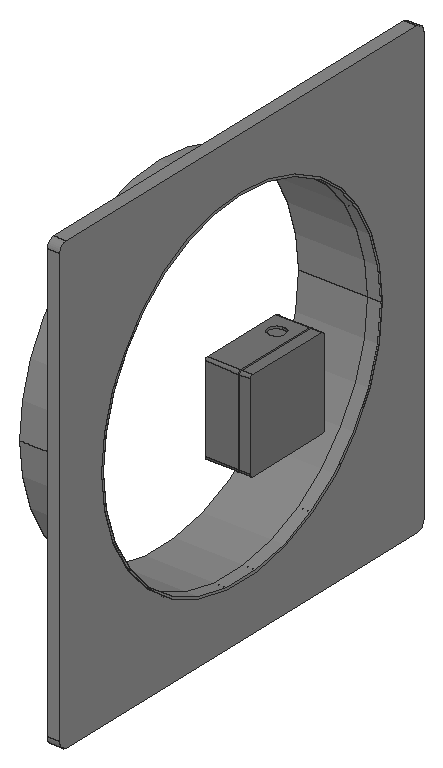
Revit family "VENTS-OV", category Mechanical Equipment, Revit 2019
Family settings
  Round Connector Dimension = Use Diameter
  Classification = None
  Part Type = Breaks Into
  OmniClass Number = 23.75.35.17.11
  OmniClass Title = Fans for Air Ductwork
  Work Plane-Based = No
  Always vertical = Yes
  Cut with Voids When Loaded = No
  Shared = No
  Room Calculation Point = No
Parameters (values of type "OV 4E 400 (60Hz)")
  sFl = 2 mm  # constant formula
  r = 10 mm  # constant formula
  gsD = L * 0.8  # 77.6 mm
  dFl = (B - D) / 2  # 62 mm
  Weight = 8.80 kg
  Voltage = 230 V
  URL = "https://ventilation-system.com/product/ov-4e-400"
  Type Comments = "Axial fan for wall mounting OV 4E 400"
  Transported Air Temperature (°C) = "-30...+50"
  Supply Flow Direction Symbol [instance] = no
  RPM (min-1) = 1655
  Protection rating = "IPX4"
  Power Factor = 1
  Power = 240 W
  Number of Poles = 1
  Noise Level at 3 m (dBa) = 54
  Motor protection rating = "IP24"
  Model = "OV 4E 400"
  Maximum Air Flow = 3890 m³/h
  Manufacturer = "Vents"
  Maintenance Zone Width = B  # 540 mm
  Maintenance Zone Material = Maintenance Zone
  Maintenance Zone Length = 600 mm
  Maintenance Zone Height = B  # 540 mm
  Maintenance Zone [instance] = no
  Load Classification = HVAC
  L1 = 15 mm
  L2 = L - L1  # 82 mm
  L = 97 mm
  Exhaust Flow Direction Symbol [instance] = yes
  Flow Factor [instance] = 1  # constant formula
  Family Version = "1.0"  # constant formula
  Distribution Box Material = Distribution Box
  Din = D - 2 mm * 2  # 412 mm
  Description = "Low pressure axial fan in the steel casing for wall mounting"
  Current = 1.08 A
  Copyright = "©Vents"
  Casing Material = Metal Painted Black
  B = 540 mm
  D = 416 mm
  Apparent Power = Power / Power Factor  # 240 VA
  Air Flow [instance] = 0 m³/h
Types (62, lengths in mm): name | gsD | dFl | Weight | Voltage | URL | Type Comments | Transported Air Temperature (°C) | RPM (min-1) | Power | Number of Poles | Noise Level at 3 m (dBa) | Motor protection rating | Model | Maximum Air Flow | Maintenance Zone Width | Maintenance Zone Height | L1 | L2 | L | Din | Current | B | D | Apparent Power
  OV 2E 200 (50Hz) | 48 | 51 | 3.00 kg | 230 V | "https://ventilation-system.com/product/ov-2e-200" | "Axial fan for wall mounting VKF 2E 200" | "-30...+60" | 2300 | 55 W | 1 | 48 | "IP24" | "OV 2E 200" | 860 m³/h | 312 | 312 | 7 | 53 | 60 | 206 | 0.26 A | 312 | 210 | 55 VA
  OV 2E 200 (60Hz) | 48 | 51 | 3.00 kg | 230 V | "https://ventilation-system.com/product/ov-2e-200" | "Axial fan for wall mounting OV 2E 200" | "-30...+50" | 2550 | 61 W | 1 | 49 | "IP24" | "OV 2E 200" | 875 m³/h | 312 | 312 | 7 | 53 | 60 | 206 | 0.28 A | 312 | 210 | 61 VA
  OV 2E 250 (50Hz) | 56 | 55 | 4.00 kg | 230 V | "https://ventilation-system.com/product/ov-2e-250" | "Axial fan for wall mounting OV 2E 250" | "-30...+60" | 2400 | 80 W | 1 | 50 | "IP24" | "OV 2E 250" | 1050 m³/h | 370 | 370 | 11 | 59 | 70 | 256 | 0.4 A | 370 | 260 | 80 VA
  OV 2E 250 (60Hz) | 56 | 55 | 4.00 kg | 230 V | "https://ventilation-system.com/product/ov-2e-250" | "Axial fan for wall mounting OV 2E 250" | "-30...+50" | 2990 | 91 W | 1 | 51 | "IP24" | "OV 2E 250" | 1150 m³/h | 370 | 370 | 11 | 59 | 70 | 256 | 0.42 A | 370 | 260 | 91 VA
  OV 4E 250 (50Hz) | 56 | 55 | 3.50 kg | 230 V | "https://ventilation-system.com/product/ov-4e-250" | "Axial fan for wall mounting OV 4E 250" | "-30...+60" | 1380 | 50 W | 1 | 38 | "IP24" | "OV 4E 250" | 800 m³/h | 370 | 370 | 11 | 59 | 70 | 256 | 0.22 A | 370 | 260 | 50 VA
  OV 4E 250 (60Hz) | 56 | 55 | 3.50 kg | 230 V | "https://ventilation-system.com/product/ov-4e-250" | "Axial fan for wall mounting OV 4E 250" | "-30...+50" | 1730 | 56 W | 1 | 39 | "IP24" | "OV 4E 250" | 865 m³/h | 370 | 370 | 11 | 59 | 70 | 256 | 0.24 A | 370 | 260 | 56 VA
  OV 2E 300 (50Hz) | 64 | 56.5 | 6.10 kg | 230 V | "https://ventilation-system.com/product/ov-2e-300" | "Axial fan for wall mounting OV 2E 300" | "-30...+60" | 2300 | 145 W | 1 | 53 | "IP24" | "OV 2E 300" | 2230 m³/h | 430 | 430 | 11 | 69 | 80 | 313 | 0.66 A | 430 | 317 | 145 VA
  OV 2E 300 (60Hz) | 64 | 56.5 | 6.10 kg | 230 V | "https://ventilation-system.com/product/ov-2e-300" | "Axial fan for wall mounting OV 2E 300" | "-30...+50" | 2410 | 178 W | 1 | 54 | "IP24" | "OV 2E 300" | 2280 m³/h | 430 | 430 | 11 | 69 | 80 | 313 | 0.79 A | 430 | 317 | 178 VA
  OV 4E 300 (50Hz) | 64 | 56.5 | 5.00 kg | 230 V | "https://ventilation-system.com/product/ov-4e-300" | "Axial fan for wall mounting OV 4E 300" | "-30...+60" | 1350 | 75 W | 1 | 44 | "IP24" | "OV 4E 300" | 1340 m³/h | 430 | 430 | 11 | 69 | 80 | 313 | 0.35 A | 430 | 317 | 75 VA
  OV 4E 300 (60Hz) | 64 | 56.5 | 5.00 kg | 230 V | "https://ventilation-system.com/product/ov-4e-300" | "Axial fan for wall mounting OV 4E 300" | "-30...+50" | 1405 | 92 W | 1 | 45 | "IP24" | "OV 4E 300" | 1475 m³/h | 430 | 430 | 11 | 69 | 80 | 313 | 0.4 A | 430 | 317 | 92 VA
  OV 4E 350 (50Hz) | 77.6 | 55.5 | 7.80 kg | 230 V | "https://ventilation-system.com/product/ov-4e-350" | "Axial fan for wall mounting OV 4E 350" | "-30...+60" | 1380 | 140 W | 1 | 46 | "IP24" | "OV 4E 350" | 2500 m³/h | 485 | 485 | 11 | 86 | 97 | 370 | 0.65 A | 485 | 374 | 140 VA
  OV 4E 350 (60Hz) | 77.6 | 55.5 | 7.80 kg | 230 V | "https://ventilation-system.com/product/ov-4e-350" | "Axial fan for wall mounting OV 4E 350" | "-30...+50" | 1700 | 147 W | 1 | 47 | "IP24" | "OV 4E 350" | 2650 m³/h | 485 | 485 | 11 | 86 | 97 | 370 | 0.66 A | 485 | 374 | 147 VA
  OV 4E 400 (50Hz) | 77.6 | 62 | 8.80 kg | 230 V | "https://ventilation-system.com/product/ov-4e-400" | "Axial fan for wall mounting OV 4E 400" | "-30...+60" | 1380 | 180 W | 1 | 53 | "IP24" | "OV 4E 400" | 3580 m³/h | 540 | 540 | 15 | 82 | 97 | 412 | 0.82 A | 540 | 416 | 180 VA
  OV 4E 400 (60Hz) | 77.6 | 62 | 8.80 kg | 230 V | "https://ventilation-system.com/product/ov-4e-400" | "Axial fan for wall mounting OV 4E 400" | "-30...+50" | 1655 | 240 W | 1 | 54 | "IP24" | "OV 4E 400" | 3890 m³/h | 540 | 540 | 15 | 82 | 97 | 412 | 1.08 A | 540 | 416 | 240 VA
  OV 4E 450 (50Hz) | 88 | 55.5 | 10.50 kg | 230 V | "https://ventilation-system.com/product/ov-4e-450" | "Axial fan for wall mounting OV 4E 450" | "-30...+60" | 1350 | 250 W | 1 | 56 | "IP24" | "OV 4E 450" | 4680 m³/h | 576 | 576 | 15 | 95 | 110 | 461 | 1.2 A | 576 | 465 | 250 VA
  OV 4E 450 (60Hz) | 88 | 55.5 | 10.50 kg | 230 V | "https://ventilation-system.com/product/ov-4e-450" | "Axial fan for wall mounting OV 4E 450" | "-30...+50" | 1600 | 325 W | 1 | 57 | "IP24" | "OV 4E 450" | 4790 m³/h | 576 | 576 | 15 | 95 | 110 | 461 | 1.46 A | 576 | 465 | 325 VA
  OV 6E 450 (50Hz) | 88 | 55.5 | 10.50 kg | 230 V | "https://ventilation-system.com/product/ov-6e-450" | "Axial fan for wall mounting OV 6E 450" | "-30...+60" | 945 | 151 W | 1 | 52 | "IP24" | "OV 6E 450" | 3200 m³/h | 576 | 576 | 15 | 95 | 110 | 461 | 0.78 A | 576 | 465 | 151 VA
  OV 6E 450 (60Hz) | 88 | 55.5 | 10.50 kg | 230 V | "https://ventilation-system.com/product/ov-6e-450" | "Axial fan for wall mounting OV 6E 450" | "-30...+50" | 1115 | 161 W | 1 | 52 | "IP24" | "OV 6E 450" | 3250 m³/h | 576 | 576 | 15 | 95 | 110 | 461 | 0.8 A | 576 | 465 | 161 VA
  OV 4E 500 (50Hz) | 104 | 67.5 | 14.00 kg | 230 V | "https://ventilation-system.com/product/ov-4e-500" | "Axial fan for wall mounting OV 4E 500" | "-30...+60" | 1300 | 420 W | 1 | 58 | "IP24" | "OV 4E 500" | 7060 m³/h | 655 | 655 | 15 | 115 | 130 | 516 | 1.95 A | 655 | 520 | 420 VA
  OV 4E 500 (60Hz) | 104 | 67.5 | 14.00 kg | 230 V | "https://ventilation-system.com/product/ov-4e-500" | "Axial fan for wall mounting OV 4E 500" | "-30...+50" | 1630 | 455 W | 1 | 59 | "IP24" | "OV 4E 500" | 7130 m³/h | 655 | 655 | 15 | 115 | 130 | 516 | 2.05 A | 655 | 520 | 455 VA
  OV 6E 500 (50Hz) | 104 | 67.5 | 14.00 kg | 230 V | "https://ventilation-system.com/product/ov-6e-500" | "Axial fan for wall mounting OV 6E 500" | "-30...+60" | 945 | 220 W | 1 | 56 | "IP24" | "OV 6E 500" | 4880 m³/h | 655 | 655 | 15 | 115 | 130 | 516 | 1.1 A | 655 | 520 | 220 VA
  OV 6E 500 (60Hz) | 104 | 67.5 | 14.00 kg | 230 V | "https://ventilation-system.com/product/ov-6e-500" | "Axial fan for wall mounting OV 6E 500" | "-30...+50" | 1105 | 268 W | 1 | 56 | "IP24" | "OV 6E 500" | 5380 m³/h | 655 | 655 | 15 | 115 | 130 | 516 | 1.22 A | 655 | 520 | 268 VA
  OV 4E 550 (50Hz) | 112 | 77.5 | 16.50 kg | 230 V | "https://ventilation-system.com/product/ov-4e-550" | "Axial fan for wall mounting OV 4E 550" | "-30...+60" | 1300 | 550 W | 1 | 62 | "IP24" | "OV 4E 550" | 8800 m³/h | 725 | 725 | 15 | 125 | 140 | 566 | 2.55 A | 725 | 570 | 550 VA
  OV 4E 550 (60Hz) | 112 | 77.5 | 16.50 kg | 230 V | "https://ventilation-system.com/product/ov-4e-550" | "Axial fan for wall mounting OV 4E 550" | "-30...+50" | 1580 | 654 W | 1 | 63 | "IP24" | "OV 4E 550" | 8970 m³/h | 725 | 725 | 15 | 125 | 140 | 566 | 2.88 A | 725 | 570 | 654 VA
  OV 6E 550 (50Hz) | 112 | 77.5 | 16.50 kg | 230 V | "https://ventilation-system.com/product/ov-6e-550" | "Axial fan for wall mounting OV 6E 550" | "-30...+60" | 950 | 330 W | 1 | 58 | "IP24" | "OV 6E 550" | 6400 m³/h | 725 | 725 | 15 | 125 | 140 | 566 | 1.6 A | 725 | 570 | 330 VA
  OV 6E 550 (60Hz) | 112 | 77.5 | 16.50 kg | 230 V | "https://ventilation-system.com/product/ov-6e-550" | "Axial fan for wall mounting OV 6E 550" | "-30...+50" | 1060 | 375 W | 1 | 58 | "IP24" | "OV 6E 550" | 6520 m³/h | 725 | 725 | 15 | 125 | 140 | 566 | 1.63 A | 725 | 570 | 375 VA
  OV 4E 630 (50Hz) | 123.2 | 75 | 20.00 kg | 230 V | "https://ventilation-system.com/product/ov-4e-630" | "Axial fan for wall mounting OV 4E 630" | "-30...+60" | 1360 | 750 W | 1 | 67 | "IP24" | "OV 4E 630" | 11900 m³/h | 800 | 800 | 15 | 139 | 154 | 646 | 3.5 A | 800 | 650 | 750 VA
  OV 4E 630 (60Hz) | 123.2 | 75 | 20.00 kg | 230 V | "https://ventilation-system.com/product/ov-4e-630" | "Axial fan for wall mounting OV 4E 630" | "-30...+50" | 1625 | 979 W | 1 | 68 | "IP24" | "OV 4E 630" | 12100 m³/h | 800 | 800 | 15 | 139 | 154 | 646 | 4.26 A | 800 | 650 | 979 VA
  OV 6E 630 (50Hz) | 123.2 | 75 | 20.00 kg | 230 V | "https://ventilation-system.com/product/ov-6e-630" | "Axial fan for wall mounting OV 6E 630" | "-30...+60" | 850 | 540 W | 1 | 59 | "IP24" | "OV 6E 630" | 10900 m³/h | 800 | 800 | 15 | 139 | 154 | 646 | 2.4 A | 800 | 650 | 540 VA
  OV 6E 630 (60Hz) | 123.2 | 75 | 20.00 kg | 230 V | "https://ventilation-system.com/product/ov-6e-630" | "Axial fan for wall mounting OV 6E 630" | "-30...+50" | 1075 | 610 W | 1 | 59 | "IP24" | "OV 6E 630" | 10990 m³/h | 800 | 800 | 15 | 139 | 154 | 646 | 2.74 A | 800 | 650 | 610 VA
  OV 2D 250 (50Hz) | 56 | 55 | 4.00 kg | 400 V | "https://ventilation-system.com/product/ov-2d-250" | "Axial fan for wall mounting OV 2D 250" | "-30...+60" | 2600 | 80 W | 3 | 51 | "IP44" | "OV 2D 250" | 1060 m³/h | 370 | 370 | 11 | 59 | 70 | 256 | 0.22 A | 370 | 260 | 80 VA
  OV 2D 250 (60Hz) | 56 | 55 | 4.00 kg | 400 V | "https://ventilation-system.com/product/ov-2d-250" | "Axial fan for wall mounting OV 2D 250" | "-30...+50" | 3030 | 92 W | 3 | 52 | "IP44" | "OV 2D 250" | 1150 m³/h | 370 | 370 | 11 | 59 | 70 | 256 | 0.24 A | 370 | 260 | 92 VA
  OV 4D 250 (50Hz) | 56 | 55 | 3.50 kg | 400 V | "https://ventilation-system.com/product/ov-4d-250" | "Axial fan for wall mounting OV 4D 250" | "-30...+60" | 1400 | 60 W | 3 | 38 | "IP44" | "OV 4D 250" | 850 m³/h | 370 | 370 | 11 | 59 | 70 | 256 | 0.17 A | 370 | 260 | 60 VA
  OV 4D 250 (60Hz) | 56 | 55 | 3.50 kg | 400 V | "https://ventilation-system.com/product/ov-4d-250" | "Axial fan for wall mounting OV 4D 250" | "-30...+50" | 1750 | 89 W | 3 | 38 | "IP44" | "OV 4D 250" | 885 m³/h | 370 | 370 | 11 | 59 | 70 | 256 | 0.22 A | 370 | 260 | 89 VA
  OV 2D 300 (50Hz) | 64 | 56.5 | 5.40 kg | 400 V | "https://ventilation-system.com/product/ov-2d-300" | "Axial fan for wall mounting OV 2D 300" | "-30...+60" | 2350 | 145 W | 3 | 52 | "IP44" | "OV 2D 300" | 2310 m³/h | 430 | 430 | 11 | 69 | 80 | 313 | 0.25 A | 430 | 317 | 145 VA
  OV 2D 300 (60Hz) | 64 | 56.5 | 5.40 kg | 400 V | "https://ventilation-system.com/product/ov-2d-300" | "Axial fan for wall mounting OV 2D 300" | "-30...+50" | 2570 | 165 W | 3 | 52 | "IP44" | "OV 2D 300" | 2390 m³/h | 430 | 430 | 11 | 69 | 80 | 313 | 0.29 A | 430 | 317 | 165 VA
  OV 4D 300 (50Hz) | 64 | 56.5 | 5.40 kg | 400 V | "https://ventilation-system.com/product/ov-4d-300" | "Axial fan for wall mounting OV 4D 300" | "-30...+60" | 1380 | 75 W | 3 | 45 | "IP44" | "OV 4D 300" | 1310 m³/h | 430 | 430 | 11 | 69 | 80 | 313 | 0.22 A | 430 | 317 | 75 VA
  OV 4D 300 (60Hz) | 64 | 56.5 | 5.40 kg | 400 V | "https://ventilation-system.com/product/ov-4d-300" | "Axial fan for wall mounting OV 4D 300" | "-30...+50" | 1640 | 94 W | 3 | 45 | "IP44" | "OV 4D 300" | 1530 m³/h | 430 | 430 | 11 | 69 | 80 | 313 | 0.25 A | 430 | 317 | 94 VA
  OV 4D 350 (50Hz) | 77.6 | 55.5 | 7.80 kg | 400 V | "https://ventilation-system.com/product/ov-4d-350" | "Axial fan for wall mounting OV 4D 350" | "-30...+60" | 1380 | 140 W | 3 | 46 | "IP44" | "OV 4D 350" | 2520 m³/h | 485 | 485 | 11 | 86 | 97 | 370 | 0.38 A | 485 | 374 | 140 VA
  OV 4D 350 (60Hz) | 77.6 | 55.5 | 7.80 kg | 400 V | "https://ventilation-system.com/product/ov-4d-350" | "Axial fan for wall mounting OV 4D 350" | "-30...+50" | 1640 | 150 W | 3 | 46 | "IP44" | "OV 4D 350" | 2590 m³/h | 485 | 485 | 11 | 86 | 97 | 370 | 0.41 A | 485 | 374 | 150 VA
  OV 4D 400 (50Hz) | 77.6 | 62 | 8.80 kg | 400 V | "https://ventilation-system.com/product/ov-4d-400" | "Axial fan for wall mounting OV 4D 400" | "-30...+60" | 1380 | 180 W | 3 | 54 | "IP44" | "OV 4D 400" | 3740 m³/h | 540 | 540 | 15 | 82 | 97 | 412 | 0.47 A | 540 | 416 | 180 VA
  OV 4D 400 (60Hz) | 77.6 | 62 | 8.80 kg | 400 V | "https://ventilation-system.com/product/ov-4d-400" | "Axial fan for wall mounting OV 4D 400" | "-30...+50" | 1625 | 195 W | 3 | 54 | "IP44" | "OV 4D 400" | 3870 m³/h | 540 | 540 | 15 | 82 | 97 | 412 | 0.55 A | 540 | 416 | 195 VA
  OV 4D 450 (50Hz) | 88 | 55.5 | 10.50 kg | 400 V | "https://ventilation-system.com/product/ov-4d-450" | "Axial fan for wall mounting OV 4D 450" | "-30...+60" | 1360 | 250 W | 3 | 56 | "IP44" | "OV 4D 450" | 5280 m³/h | 576 | 576 | 15 | 95 | 110 | 461 | 0.6 A | 576 | 465 | 250 VA
  OV 4D 450 (60Hz) | 88 | 55.5 | 10.50 kg | 400 V | "https://ventilation-system.com/product/ov-4d-450" | "Axial fan for wall mounting OV 4D 450" | "-30...+50" | 1620 | 275 W | 3 | 56 | "IP44" | "OV 4D 450" | 5350 m³/h | 576 | 576 | 15 | 95 | 110 | 461 | 0.65 A | 576 | 465 | 275 VA
  OV 6D 450 (50Hz) | 88 | 55.5 | 10.50 kg | 400 V | "https://ventilation-system.com/product/ov-6d-450" | "Axial fan for wall mounting OV 6D 450" | "-30...+60" | 900 | 148 W | 3 | 53 | "IP24" | "OV 6D 450" | 3500 m³/h | 576 | 576 | 15 | 95 | 110 | 461 | 0.42 A | 576 | 465 | 148 VA
  OV 6D 450 (60Hz) | 88 | 55.5 | 10.50 kg | 400 V | "https://ventilation-system.com/product/ov-6d-450" | "Axial fan for wall mounting OV 6D 450" | "-30...+50" | 1050 | 175 W | 3 | 53 | "IP24" | "OV 6D 450" | 3580 m³/h | 576 | 576 | 15 | 95 | 110 | 461 | 0.47 A | 576 | 465 | 175 VA
  OV 4D 500 (50Hz) | 104 | 67.5 | 14.00 kg | 400 V | "https://ventilation-system.com/product/ov-4d-500" | "Axial fan for wall mounting OV 4D 500" | "-30..+60" | 1300 | 450 W | 3 | 60 | "IP24" | "OV 4D 500" | 6570 m³/h | 655 | 655 | 15 | 115 | 130 | 516 | 0.9 A | 655 | 520 | 450 VA
  OV 4D 500 (60Hz) | 104 | 67.5 | 14.00 kg | 400 V | "https://ventilation-system.com/product/ov-4d-500" | "Axial fan for wall mounting OV 4D 500" | "-30..+50" | 1605 | 370 W | 3 | 60 | "IP24" | "OV 4D 500" | 6230 m³/h | 655 | 655 | 15 | 115 | 130 | 516 | 0.7 A | 655 | 520 | 370 VA
  OV 6D 500 (50Hz) | 104 | 67.5 | 14.00 kg | 400 V | "https://ventilation-system.com/product/ov-6d-500" | "Axial fan for wall mounting OV 6D 500" | "-30..+60" | 920 | 230 W | 3 | 57 | "IP24" | "OV 6D 500" | 4900 m³/h | 655 | 655 | 15 | 115 | 130 | 516 | 0.58 A | 655 | 520 | 230 VA
  OV 6D 500 (60Hz) | 104 | 67.5 | 14.00 kg | 400 V | "https://ventilation-system.com/product/ov-6d-500" | "Axial fan for wall mounting OV 6D 500" | "-30..+50" | 1015 | 281 W | 3 | 57 | "IP24" | "OV 6D 500" | 5430 m³/h | 655 | 655 | 15 | 115 | 130 | 516 | 0.59 A | 655 | 520 | 281 VA
  OV 4D 550 (50Hz) | 112 | 77.5 | 16.50 kg | 400 V | "https://ventilation-system.com/product/ov-4d-550" | "Axial fan for wall mounting OV 4D 550" | "-30..+60" | 1350 | 750 W | 3 | 64 | "IP24" | "OV 4D 550" | 9700 m³/h | 725 | 725 | 15 | 125 | 140 | 566 | 1.5 A | 725 | 570 | 750 VA
  OV 4D 550 (60Hz) | 112 | 77.5 | 16.50 kg | 400 V | "https://ventilation-system.com/product/ov-4d-550" | "Axial fan for wall mounting OV 4D 550" | "-30..+50" | 1605 | 600 W | 3 | 64 | "IP24" | "OV 4D 550" | 7380 m³/h | 725 | 725 | 15 | 125 | 140 | 566 | 1.1 A | 725 | 570 | 600 VA
  OV 6D 550 (50Hz) | 112 | 77.5 | 16.50 kg | 400 V | "https://ventilation-system.com/product/ov-6d-550" | "Axial fan for wall mounting OV 6D 550" | "-30..+60" | 910 | 337 W | 3 | 61 | "IP24" | "OV 6D 550" | 6400 m³/h | 725 | 725 | 15 | 125 | 140 | 566 | 0.9 A | 725 | 570 | 337 VA
  OV 6D 550 (60Hz) | 112 | 77.5 | 16.50 kg | 400 V | "https://ventilation-system.com/product/ov-6d-550" | "Axial fan for wall mounting OV 6D 550" | "-30..+50" | 1020 | 447 W | 3 | 61 | "IP24" | "OV 6D 550" | 6520 m³/h | 725 | 725 | 15 | 125 | 140 | 566 | 0.95 A | 725 | 570 | 447 VA
  OV 4D 630 (50Hz) | 123.2 | 75 | 20.00 kg | 400 V | "https://ventilation-system.com/product/ov-4d-630" | "Axial fan for wall mounting OV 4D 630" | "-30..+60" | 1320 | 800 W | 3 | 69 | "IP24" | "OV 4D 630" | 12200 m³/h | 800 | 800 | 15 | 139 | 154 | 646 | 1.6 A | 800 | 650 | 800 VA
  OV 4D 630 (60Hz) | 123.2 | 75 | 20.00 kg | 400 V | "https://ventilation-system.com/product/ov-4d-630" | "Axial fan for wall mounting OV 4D 630" | "-30..+50" | 1585 | 910 W | 3 | 69 | "IP24" | "OV 4D 630" | 12400 m³/h | 800 | 800 | 15 | 139 | 154 | 646 | 1.68 A | 800 | 650 | 910 VA
  OV 6D 630 (50Hz) | 123.2 | 75 | 20.00 kg | 400 V | "https://ventilation-system.com/product/ov-6d-630" | "Axial fan for wall mounting OV 6D 630" | "-30..+60" | 900 | 550 W | 3 | 59 | "IP24" | "OV 6D 630" | 1950 m³/h | 800 | 800 | 15 | 139 | 154 | 646 | 1.45 A | 800 | 650 | 550 VA
  OV 6D 630 (60Hz) | 123.2 | 75 | 20.00 kg | 400 V | "https://ventilation-system.com/product/ov-6d-630" | "Axial fan for wall mounting OV 6D 630" | "-30..+50" | 1060 | 716 W | 3 | 59 | "IP24" | "OV 6D 630" | 11120 m³/h | 800 | 800 | 15 | 139 | 154 | 646 | 1.56 A | 800 | 650 | 716 VA
  OV 6D 710 (50Hz) | 137.6 | 87.5 | 33.00 kg | 400 V | "https://ventilation-system.com/product/ov-6d-710" | "Axial fan for wall mounting OV 6D 710" | "-30...+60" | 830 | 1150 W | 3 | 63 | "IP44" | "OV 6D 710" | 15440 m³/h | 900 | 900 | 15 | 157 | 172 | 721 | 2 A | 900 | 725 | 1150 VA
  OV 8D 710 (50Hz) | 137.6 | 87.5 | 33.00 kg | 400 V | "https://ventilation-system.com/product/ov-8d-710" | "Axial fan for wall mounting OV 8D 710" | "-30...+60" | 710 | 700 W | 3 | 61 | "IP44" | "OV 8D 710" | 12000 m³/h | 900 | 900 | 15 | 157 | 172 | 721 | 1.5 A | 900 | 725 | 700 VA
  OV 6D 800 (50Hz) | 137.6 | 85 | 44.00 kg | 400 V | "https://ventilation-system.com/product/ov-6d-800" | "Axial fan for wall mounting OV 6D 800" | "-30...+60" | 915 | 1850 W | 3 | 67 | "IP44" | "OV 6D 800" | 25000 m³/h | 970 | 970 | 15 | 157 | 172 | 796 | 3.7 A | 970 | 800 | 1850 VA
  OV 8D 800 (50Hz) | 137.6 | 85 | 44.00 kg | 400 V | "https://ventilation-system.com/product/ov-8d-800" | "Axial fan for wall mounting OV 8D 800" | "-30...+60" | 710 | 700 W | 3 | 66 | "IP44" | "OV 8D 800" | 15550 m³/h | 970 | 970 | 15 | 157 | 172 | 796 | 1.7 A | 970 | 800 | 700 VA
Reference planes
  plane 1 "Center (Front/Back)": y = 0
  plane 2: z = 0
  plane 3 "Center (Left/Right)": x = 0
  plane 4 "Right": x = -82
  plane 5: y = 208
  plane 6: y = -208
  plane 7 "GraphicSymbolL": x = -41
  plane 8 "Front": x = 15
  plane 9: y = 270
  plane 10 "Center L/DD": y = -270
  plane 11: z = 270
  plane 12: z = -270
Forms (mm)
  Extrusion 1, solid, material "Metal Painted Black" <- "Casing Material", detail levels medium+fine
    sketch origin (-82, 0, 0) x (0, 1, 0) y (0, 0, 1)
      loop
        circle (0, 0) r 208
    from 97 to 0
  Extrusion 2, solid, material "Metal Painted Black" <- "Casing Material", detail levels medium+fine
    sketch origin (0, 0, 0) x (0, 1, 0) y (0, 0, 1)
      loop
        line (260, 270) -> (-260, 270)
        arc (-260, 270) -> (-267.071, 267.071) -> (-270, 260) r 10
        line (-270, 260) -> (-270, -260)
        arc (-270, -260) -> (-267.071, -267.071) -> (-260, -270) r 10
        line (-260, -270) -> (260, -270)
        arc (260, -270) -> (267.071, -267.071) -> (270, -260) r 10
        line (270, -260) -> (270, 260)
        arc (270, 260) -> (267.071, 267.071) -> (260, 270) r 10
    from 0 to 15
  Extrusion 3, void
    sketch origin (15, 0, 0) x (0, 1, 0) y (0, 0, 1)
      loop
        circle (0, 0) r 206
    from 0 to -97
Cuts and joins
  Extrusion 3 cuts Extrusion 1
  Extrusion 3 cuts Extrusion 2
Lines and regions (mm)
  model lines, detail levels coarse
    curve 1: line (0, 208, 0) -> (-82, 208, 0)
    curve 2: line (-82, -208, 0) -> (0, -208, 0)
    curve 3: line (-82, 208, 0) -> (-82, -208, 0)
    curve 4: line (0, 270, 0) -> (0, -270, 0)
    curve 5: line (15, 270, 0) -> (15, -270, 0)
    curve 6: line (0, 270, 0) -> (15, 270, 0)
    curve 7: line (0, -270, 0) -> (15, -270, 0)
Dimensions and locks
  "L2": plane 4 "Right" to plane 3 "Center (Left/Right)"
  equal spacing: plane 5, plane 1 "Center (Front/Back)", plane 6
  "D": plane 5 to plane 6
  equal spacing: plane 4 "Right", plane 7 "GraphicSymbolL", plane 3 "Center (Left/Right)"
  "L1": plane 3 "Center (Left/Right)" to plane 8 "Front"
  equal spacing: plane 10 "Center L/DD", plane 1 "Center (Front/Back)", plane 9
  "B": plane 9 to plane 10 "Center L/DD"
  equal spacing: plane 11, level, plane 12
  "B": plane 11 to plane 12
  "D": diameter of Extrusion 1 sketch curve
  "r": radius of Extrusion 2 sketch curve  (x4)
  "Din": diameter of Extrusion 3 sketch curve
  aligned and locked: level to plane 2
  aligned and locked: plane 4 "Right" to Extrusion 1
  aligned and locked: plane 11 to Extrusion 2 sketch curve
  aligned and locked: plane 9 to Extrusion 2 sketch curve
  aligned and locked: Extrusion 2 sketch curve to plane 12
  aligned and locked: Extrusion 2 sketch curve to plane 10 "Center L/DD"
  aligned and locked: plane 8 "Front" to Extrusion 2
  aligned and locked: plane 8 "Front" to Extrusion 1
  aligned and locked: plane 9 to curve 4
  aligned and locked: plane 10 "Center L/DD" to curve 4
  aligned and locked: curve 4 to plane 3 "Center (Left/Right)"
  aligned and locked: plane 1 "Center (Front/Back)" to nested 1
  aligned and locked: level to nested 1
  aligned and locked: plane 1 "Center (Front/Back)" to nested 2
  aligned and locked: level to nested 2
  aligned and locked: plane 1 "Center (Front/Back)" to nested 3
  aligned and locked: plane 8 "Front" to nested 3
  aligned and locked: plane 8 "Front" to nested 4
  aligned and locked: nested 4 to plane 1 "Center (Front/Back)"
  aligned and locked: plane 8 "Front" to nested 5
  aligned and locked: nested 5 to plane 1 "Center (Front/Back)"
  aligned and locked: Extrusion 3 to plane 4 "Right"
  aligned and locked: plane 8 "Front" to cut or joined group of Extrusion 1, Extrusion 3
  aligned and locked: plane 9 to curve 5
  aligned and locked: plane 10 "Center L/DD" to curve 5
  aligned and locked: curve 5 to plane 8 "Front"
Automatic sketch dimensions
  Extrusion 1 sketch curve to level = 0 mm
  Extrusion 1 sketch curve to plane 1 "Center (Front/Back)" = 0 mm
  Extrusion 3 sketch curve to level = 0 mm
  Extrusion 3 sketch curve to plane 1 "Center (Front/Back)" = 0 mm
  curve 1 to plane 4 "Right" = 0 mm
  curve 3 to plane 6 = 0 mm
  curve 1 to plane 5 = 0 mm
Nested families
  nested 1: "Grill" at (15, 0, 0) x (0, -1, 0) z (1, 0, 0), type "Grill", detail levels fine
    with n 5, dc5 416 mm, dc4 332.8 mm, dc3 249.6 mm, dc2 166.4 mm, dc1 83.2 mm, D1 436.8 mm, D 416 mm, A 332.8 mm
  nested 2: "DistributionBox" at (15, 0, 0) x (0, -1, 0) z (1, 0, 0), type "DistributionBox", detail levels fine
    with Hcover 14 mm, Hcon 20 mm, H1 40 mm, ConD 20 mm, ConB 27 mm, ConA 27 mm, B 108 mm, A 108 mm
  nested 3: "MaintenanceZone_Rect" at (315, 0, 270), visible <- "Maintenance Zone", type "MaintenanceZone_Rect", detail levels medium+fine
    with Maintenance Zone Width 540 mm, Maintenance Zone Length 600 mm, Maintenance Zone Height 540 mm
  nested 4: "GraphicalSymbol_AirDirection_Return" at (15, 0, 0) x (0, 1, 0) z (0, 0, 1), visible <- "Supply Flow Direction Symbol", type "GraphicalSymbol_AirDirection_Return"
    with DistanceFromOrigin 100 mm, W 120 mm, L 100 mm
  nested 5: "GraphicalSymbol_AirDirection_Supply" at (15, 0, 0) x (0, 1, 0) z (0, 0, 1), visible <- "Exhaust Flow Direction Symbol", type "GraphicalSymbol_AirDirection_Supply"
    with DistanceFromOrigin 100 mm, W 120 mm, L 100 mm
Connectors
  electrical at (35, 27, 51.975), driven by "Number of Poles", driven by "Load Classification", driven by "Voltage", driven by "Apparent Power", driven by "Power Factor"
    settings: on nested 2, index 1, voltage 230 V, apparent load 240 VA, apparent load phase1 0 VA, apparent load phase2 0 VA, apparent load phase3 0 VA, power factor 1, load classification "HVAC", number of poles 1, system type 30, power factor state 1, is connector primary yes, connector utility no, sub classification motor no, connector description ""
Definition of nested family "DistributionBox"
  Parameters (values of type "DistributionBox")
    Hcover = 10 mm
    Hcon = H1 / 2  # 12.5 mm
    H1 = 25 mm
    Distribution Box Material = none
    Default Elevation = 1219.2 mm
    ConD = 12 mm
    ConB = B / 4  # 12.5 mm
    ConA = A / 4  # 12.5 mm
    B = A  # 50 mm
    A = 50 mm
  Reference planes
    plane 1 "Center (Front/Back)": y = 0
    plane 2: z = 0
    plane 3 "Center (Left/Right)": x = 0
    plane 4: x = -25
    plane 5: x = 25
    plane 6: y = 25
    plane 7 "bottom": y = -25
    plane 8: z = 25
    plane 9: z = 35
    plane 10: x = -12.5
    plane 11: x = 12.5
    plane 12: y = 12.5
    plane 13: y = -12.5
    plane 14: z = 12.5
  Forms (mm)
    Extrusion 1, solid, material <- "Distribution Box Material"
      sketch origin (0, 0, 0) x (1, 0, 0) y (0, 1, 0)
        loop
          arc (-22, 25) -> (-24.121, 24.121) -> (-25, 22) r 3
          line (-25, 22) -> (-25, -22)
          arc (-25, -22) -> (-24.121, -24.121) -> (-22, -25) r 3
          line (-22, -25) -> (22, -25)
          arc (22, -25) -> (24.121, -24.121) -> (25, -22) r 3
          line (25, -22) -> (25, 22)
          arc (25, 22) -> (24.121, 24.121) -> (22, 25) r 3
          line (22, 25) -> (-22, 25)
      from 0 to 25
    Extrusion 2, solid, material <- "Distribution Box Material"
      sketch origin (0, 0, 0) x (1, 0, 0) y (0, 1, 0)
        loop
          arc (-22, 25) -> (-24.121, 24.121) -> (-25, 22) r 3
          line (-25, 22) -> (-25, -22)
          arc (-25, -22) -> (-24.121, -24.121) -> (-22, -25) r 3
          line (-22, -25) -> (22, -25)
          arc (22, -25) -> (24.121, -24.121) -> (25, -22) r 3
          line (25, -22) -> (25, 22)
          arc (25, 22) -> (24.121, 24.121) -> (22, 25) r 3
          line (22, 25) -> (-22, 25)
      from 25 to 35
    Extrusion 3, void
      sketch origin (-568.953, -25, 1200) x (1, 0, 0) y (0, 0, 1)
        loop
          circle (556.453, -1187.5) r 6
      from -2.025 to 0
  Cuts and joins
    Extrusion 3 cuts Extrusion 1
    Extrusion 3 cuts Extrusion 2
  Dimensions and locks
    equal spacing: plane 6, plane 1 "Center (Front/Back)", plane 7 "bottom"
    equal spacing: plane 4, plane 3 "Center (Left/Right)", plane 5
    "A": plane 6 to plane 7 "bottom"
    "B": plane 4 to plane 5
    "H1": level to plane 8
    "Hcover": plane 8 to plane 9
    "ConA": plane 1 "Center (Front/Back)" to plane 12
    "ConA": plane 13 to plane 1 "Center (Front/Back)"
    "ConB": plane 10 to plane 3 "Center (Left/Right)"
    "ConB": plane 3 "Center (Left/Right)" to plane 11
    "Hcon": plane 14 to level
    "ConD": diameter of Extrusion 3 sketch curve
    aligned and locked: level to plane 2
    aligned and locked: Extrusion 1 sketch curve to plane 6
    aligned and locked: plane 4 to Extrusion 1 sketch curve
    aligned and locked: plane 7 "bottom" to Extrusion 1 sketch curve
    aligned and locked: Extrusion 1 sketch curve to plane 5
    aligned and locked: plane 8 to Extrusion 1
    aligned and locked: plane 4 to Extrusion 2 sketch curve
    aligned and locked: Extrusion 2 sketch curve to plane 5
    aligned and locked: Extrusion 2 sketch curve to plane 6
    aligned and locked: plane 7 "bottom" to Extrusion 2 sketch curve
    aligned and locked: Extrusion 2 to plane 8
    aligned and locked: plane 9 to Extrusion 2
  Automatic sketch dimensions
    Extrusion 1 sketch curve to Extrusion 1 sketch curve = 3 mm  (x2)
    Extrusion 1 sketch curve to plane 5 = 3 mm  (x2)
    plane 4 to Extrusion 2 sketch curve = 3 mm
    Extrusion 2 sketch curve to Extrusion 2 sketch curve = 3 mm
    Extrusion 2 sketch curve to plane 5 = 3 mm  (x2)
    Extrusion 3 sketch curve to plane 10 = 0 mm
    Extrusion 3 sketch curve to plane 14 = 0 mm
Definition of nested family "MaintenanceZone_Rect"
  Parameters (values of type "MaintenanceZone_Rect")
    Maintenance Zone Width = 500 mm
    Material = none
    Maintenance Zone Length = 1000 mm
    Maintenance Zone Height = 300 mm
    Family Version = ""
    Default Elevation = 1219.2 mm
    Copyright = ""
  Reference planes
    plane 1 "Center (Front/Back)": y = 0
    plane 2: z = 0
    plane 3 "Center (Left/Right)": x = 0
    plane 4: x = -500
    plane 5: x = 500
    plane 6: y = 250
    plane 7: y = -250
    plane 8: z = -300
  Forms (mm)
    Extrusion 1, solid, material <- "Material", detail levels medium+fine
      sketch origin (0, 0, 0) x (1, 0, 0) y (0, 1, 0)
        loop
          line (-500, 250) -> (-500, -250) -> (500, -250) -> (500, 250) -> (-500, 250)
      from 0 to -300
  Lines and regions (mm)
    symbolic lines, detail levels medium+fine
      curve 1: line (-500, 0, 0) -> (500, 0, 0)
      curve 2: line (-500, 0, -300) -> (-500, 0, 0)
      curve 3: line (500, 0, -300) -> (-500, 0, -300)
      curve 4: line (500, 0, 0) -> (500, 0, -300)
      curve 5: line (0, 250, 0) -> (0, -250, 0)
      curve 6: line (0, 250, -300) -> (0, 250, 0)
      curve 7: line (0, -250, -300) -> (0, 250, -300)
      curve 8: line (0, -250, 0) -> (0, -250, -300)
      curve 9: line (-500, 250, 0) -> (500, 250, 0)
      curve 10: line (-500, -250, 0) -> (-500, 250, 0)
      curve 11: line (500, -250, 0) -> (-500, -250, 0)
      curve 12: line (500, 250, 0) -> (500, -250, 0)
  Dimensions and locks
    equal spacing: plane 6, plane 1 "Center (Front/Back)", plane 7
    equal spacing: plane 4, plane 3 "Center (Left/Right)", plane 5
    "Maintenance Zone Width": plane 6 to plane 7
    "Maintenance Zone Length": plane 4 to plane 5
    "Maintenance Zone Height": plane 2 to plane 8
    aligned and locked: level to plane 2
    aligned and locked: Extrusion 1 sketch curve to plane 6
    aligned and locked: plane 4 to Extrusion 1 sketch curve
    aligned and locked: plane 7 to Extrusion 1 sketch curve
    aligned and locked: Extrusion 1 sketch curve to plane 5
    aligned and locked: Extrusion 1 to plane 8
    aligned and locked: curve 1 to Extrusion 1
    aligned and locked: curve 2 to Extrusion 1
    aligned and locked: curve 3 to Extrusion 1
    aligned and locked: curve 4 to Extrusion 1
    aligned and locked: curve 5 to Extrusion 1
    aligned and locked: curve 6 to Extrusion 1
    aligned and locked: curve 7 to Extrusion 1
    aligned and locked: curve 8 to Extrusion 1
    aligned and locked: curve 9 to Extrusion 1
    aligned and locked: curve 10 to Extrusion 1
    aligned and locked: curve 11 to Extrusion 1
    aligned and locked: curve 12 to Extrusion 1
Definition of nested family "Grill"
  Parameters (values of type "Grill")
    n = 6
    dr1 = 1 mm
    dc5 = dc4 + D / n  # 125 mm
    dc4 = dc3 + D / n  # 100 mm
    dc3 = dc2 + D / n  # 75 mm
    dc2 = dc1 + D / n  # 50 mm
    dc1 = D / n  # 25 mm
    rL = 1 mm
    Material = none
    D1 = D * 1.05  # 157.5 mm
    D = 150 mm
    Default Elevation = 1219.2 mm
    A = D * 0.8  # 120 mm
  Reference planes
    plane 1 "Center (Front/Back)": y = 0
    plane 2: z = 0
    plane 3 "Center (Left/Right)": x = 0
    plane 4: y = 60
    plane 5: y = -60
    plane 6: x = -60
    plane 7: x = 60
    plane 8 "1": z = 1
  Lines and regions (mm)
    model lines
      curve 1: line (-60, 60, 1) -> (60, -60, 1)
      curve 2: line (-60, -60, 1) -> (60, 60, 1)
      curve 3: circle (0, 0, 1) r 12.5 normal (0, 0, 1)
      curve 4: circle (0, 0, 1) r 25 normal (0, 0, 1)
      curve 5: circle (0, 0, 1) r 37.5 normal (0, 0, 1)
      curve 6: circle (0, 0, 1) r 50 normal (0, 0, 1)
      curve 7: circle (0, 0, 1) r 62.5 normal (0, 0, 1)
      curve 8: circle (0, 0, 1) r 75 normal (0, 0, 1)
  Dimensions and locks
    equal spacing: plane 6, plane 3 "Center (Left/Right)", plane 7
    "A": plane 6 to plane 7
    equal spacing: plane 4, plane 1 "Center (Front/Back)", plane 5
    "A": plane 4 to plane 5
    "rL": level to plane 8 "1"
    "dc1": diameter of curve 3
    "dc2": diameter of curve 4
    "dc4": diameter of curve 6
    "dc5": diameter of curve 7
    "D": diameter of curve 8
    "dc3": diameter of curve 5
    aligned and locked: level to plane 2
  Automatic sketch dimensions
    curve 3 to curve 4 = 0 mm  (x2)
    curve 3 to curve 5 = 0 mm  (x2)
    curve 3 to curve 6 = 0 mm  (x2)
    curve 3 to curve 7 = 0 mm  (x2)
    curve 3 to curve 8 = 0 mm  (x2)
    curve 4 to curve 5 = 0 mm  (x2)
    curve 4 to curve 6 = 0 mm  (x2)
    curve 4 to curve 7 = 0 mm  (x2)
    curve 4 to curve 8 = 0 mm  (x2)
    curve 5 to curve 6 = 0 mm  (x2)
    curve 5 to curve 7 = 0 mm  (x2)
    curve 5 to curve 8 = 0 mm  (x2)
    curve 6 to curve 7 = 0 mm  (x2)
    curve 6 to curve 8 = 0 mm  (x2)
    curve 7 to curve 8 = 0 mm  (x2)
    curve 1 to plane 5 = 0 mm
    curve 1 to plane 7 = 0 mm
    curve 2 to plane 4 = 0 mm
    curve 2 to plane 7 = 0 mm
    plane 1 "Center (Front/Back)" to curve 7 = 0 mm
    curve 7 to plane 3 "Center (Left/Right)" = 0 mm
    curve 1 to plane 4 = 0 mm
    curve 1 to plane 6 = 0 mm
    curve 2 to plane 5 = 0 mm
    curve 2 to plane 6 = 0 mm
Definition of nested family "GraphicalSymbol_AirDirection_Return"
  Parameters (values of type "GraphicalSymbol_AirDirection_Return")
    DistanceFromOrigin = 30 mm
    Default Elevation = 1219.2 mm
    W = 1.2 * L  # 60 mm
    L = 50 mm
  Reference planes
    plane 1 "Center (Front/Back)": y = 0
    plane 2: z = 0
    plane 3 "Center (Left/Right)": x = 0
    plane 4: y = -30
    plane 5: y = -80
    plane 6: x = -30
    plane 7: x = 30
  Lines and regions (mm)
    model lines
      curve 1: line (-30, -80, 0) -> (30, -80, 0)
      curve 2: line (30, -80, 0) -> (0, -30, 0)
      curve 3: line (0, -30, 0) -> (-30, -80, 0)
  Dimensions and locks
    equal spacing: plane 6, plane 3 "Center (Left/Right)", plane 7
    "DistanceFromOrigin": plane 4 to plane 1 "Center (Front/Back)"
    "L": plane 4 to plane 5
    "W": plane 6 to plane 7
    aligned and locked: level to plane 2
  Automatic sketch dimensions
    curve 1 to plane 5 = 0 mm
    curve 1 to plane 6 = 0 mm
    curve 3 to plane 3 "Center (Left/Right)" = 0 mm
    curve 2 to plane 7 = 0 mm
    curve 2 to plane 4 = 0 mm
Definition of nested family "GraphicalSymbol_AirDirection_Supply"
  Parameters (values of type "GraphicalSymbol_AirDirection_Supply")
    DistanceFromOrigin = 30 mm
    Default Elevation = 1219.2 mm
    W = 1.2 * L  # 60 mm
    L = 50 mm
  Reference planes
    plane 1 "Center (Front/Back)": y = 0
    plane 2: z = 0
    plane 3 "Center (Left/Right)": x = 0
    plane 4: y = -30
    plane 5: y = -80
    plane 6: x = -30
    plane 7: x = 30
  Lines and regions (mm)
    model lines
      curve 1: line (-30, -30, 0) -> (30, -30, 0)
      curve 2: line (30, -30, 0) -> (0, -80, 0)
      curve 3: line (0, -80, 0) -> (-30, -30, 0)
  Dimensions and locks
    equal spacing: plane 6, plane 3 "Center (Left/Right)", plane 7
    "DistanceFromOrigin": plane 4 to plane 1 "Center (Front/Back)"
    "L": plane 4 to plane 5
    "W": plane 6 to plane 7
    aligned and locked: level to plane 2
  Automatic sketch dimensions
    curve 3 to plane 6 = 0 mm
    curve 1 to plane 4 = 0 mm
    curve 2 to plane 3 "Center (Left/Right)" = 0 mm
    curve 2 to plane 7 = 0 mm
    curve 2 to plane 5 = 0 mm
